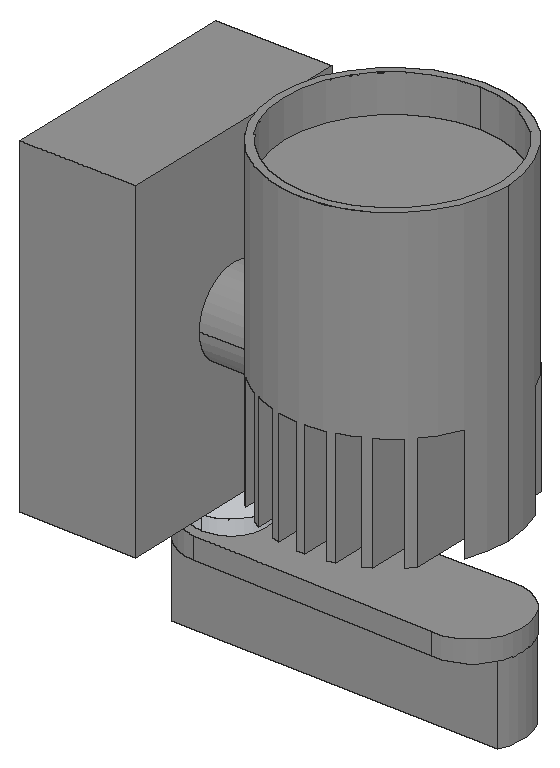
Revit family "2059796 Sylvania Lighting Fixture BEACON MUSE Xicato 3K O B DIM LS3 Black", category Lighting Fixtures, host Face, Revit 2016
Family settings
  Host = Face
  Part Type = Normal
  Round Connector Dimension = Use Diameter
  OmniClass Number = 23.80.70.00
  OmniClass Title = Lighting
  Cut with Voids When Loaded = No
  Light Source = Yes
  Shared = No
  Room Calculation Point = No
Parameters (values of type "2059796 BEACON MUSE XICATO 3K O/B DIM LS3 BLK")
  head from driver = 52 mm
  driver head distance = 15 mm
  ceiling drop = 180 mm
  Weight = "n/a"
  Wattage Comments = ""
  Wattage = 0 W
  WarrantyStartDate [instance] = "n/a"
  WarrantyGuarantorParts = ""
  WarrantyDurationUnit = "http://www.sylvania-lighting.com"
  WarrantyDurationParts = "n/a"
  WarrantyDescription = "0.95"
  built-in parameter 1150110 = 1 (stored number, unit not read)
  Voltage = 0 V
  URL = "\\\\svlondc02\\data\\R&D_Fixtures_General\\Dialux Admin\\Michael H\\Bim\\All ranges Feilo\\not Completed\\Beacon Xicato\\Beacon Muse Xicato\\2059796.ies"
  TypeName = "BEACON MUSE Xicato 3K O/B DIM LS3 Black"
  Type Image = <None>
  Type Comments = "n/a"
  built-in parameter 1114217 = 1 (stored number, unit not read)
  Tilt Angle = 90.00°
  built-in parameter 1150109 = 1 (stored number, unit not read)
  built-in parameter 1150134 = 3
  built-in parameter 1150113 = 1 (stored number, unit not read)
  SerialNumber [instance] = "n/a"
  Photometric Web File = "2059796.ies"
  Material_3_FEILO = none
  PowerFactor = 0
  PowerConsumption = "0"
  NominalLength = 0 mm
  NominalHeight = 0 mm
  NominalDepth = 0 mm
  Name = "BEACON MUSE Xicato 3K O/B DIM LS3 Black"
  ModelReference = Name  # "BEACON MUSE Xicato 3K O/B DIM LS3 Black"
  ModelNumber = "2059796"
  Model = Name  # "BEACON MUSE Xicato 3K O/B DIM LS3 Black"
  Material = ""
  ManufacturerName = ""
  Manufacturer = ""
  LuminousEfficacy = "100"
  built-in parameter 1150105 = (empty or 0)
  Lumens = 0 lm
  LuminaireType = "338/598 lm"
  built-in parameter 1150115 = 1 (stored number, unit not read)
  Lighting Material = none
  LightOutputRatio = "3"
  built-in parameter 1150137 = (empty or 0)
  built-in parameter 1150139 = (empty or 0)
  Light = none
  LampsType = Lamp  # "n/a"
  LampNominalLuminous = "LED"
  LampMacAdamStep = "16500"
  LampColourTemperature = "n/a"
  LampColourRenderingIndex = "n/a"
  built-in parameter 1150112 = 1 (stored number, unit not read)
  built-in parameter 1150114 = 1 (stored number, unit not read)
  Lamp = "n/a"
  Keynote = "0"
  InstallationDate [instance] = "n/a"
  InputVoltage = "IP20"
  InputNominalFrequency = "IK02"
  built-in parameter 1150132 = (empty or 0)
  built-in parameter 1150102 = (empty or 0)
  built-in parameter 1150107 = 3200 (stored number, unit not read)
  built-in parameter 1150138 = (empty or 0)
  IngressProtection = ""
  ImpactProtectionIndex = "Class II"
  built-in parameter 1150106 = (empty or 0)
  IfcExportType = "IfcLightFixtureType"
  IfcExportAs = "30"
  Head Length [instance] = 142 mm
  ExpectedLife = 50000
  Emit from Circle Diameter = 609.6 mm
  Emit Shape Visible in Rendering = no
  ElectricShockClassification = ""
  built-in parameter 1150104 = 13.8 (stored number, unit not read)
  DurationUnit = "hours"
  Driver Width = 85 mm
  DocumentationLiterature = "http://www.sylvania-lighting.com/product/en-int/products/2059796"
  DimmingControlOptions = "n/a"
  Material_2_FEILO = none
  Dimming Lamp Color Temperature Shift = <None>
  Diameter = 80 mm
  Description = "Integrated LED spotlight with Xicato Artist LED Module, black RAL 9005, unique soft-touch ring, adjustable beam angle from a 8° spot to a 55° flood, compact and minimalist design, ideal for museum, gallery and high-end retail applications, die-cast aluminium body, passive cooling heatsink, beam angle: 8° spot to 52° flood, optics: aspheric glass lens, colour temperature: 3000K warm white, total system power: 20W, total fixture output: 338/598lm, luminaire efficacy: 30lm/W, LOR: 100%, colour rendering: Ra 97 typical, LED Chromacity: 3 step MacAdam ellipse, lifetime: >50,000 hours at L70B50, energy class: A++, A+, A, IR/UV free light source without heat radiation, operating voltage: 220-240V / 50-60Hz, drive current: 700mA, electronic driver, dimmable via on-board potentiometer, power factor: 0.9 electrical protection: CLASS II, 3-circuit track adaptor, suitable for Concord Lytespan 3 track, ingress protection rating: IP20, suitable for internal environment only, horizontal rotation: 355°, vertical tilt: 90°, dimensions: Ø80x135x176mm, weight: 0.95kg"
  Default Elevation = 115 mm
  CreatedOn = "02/07/2019"
  CreatedBy = "@sylvania-lighting.com"
  Cost = 0
  Color Filter = 16777215
  built-in parameter 1114216 [instance] = (empty or 0)
  ClassificationValue = "EF_70_80"
  ClassificationName = "Uniclass2015"
  Material_1_FEILO = none
  BarCode [instance] = "n/a"
  built-in parameter 1114218 = 1 (stored number, unit not read)
  built-in parameter 1150133 = 10 (stored number, unit not read)
  AssetType = "Fixed"
  AssetIdentifier [instance] = "n/a"
  Assembly Code = "D5020200"
  Apparent Load = 20 VA
  Material_4_FEILO = none
  Adaptor Width = 34.952 mm
  Adaptor Pivot = 24.952 mm
  Adaptor Inside Width = 16.53 mm
Reference planes
  plane 1 "Center (Front/Back)": y = 0
  plane 2: z = 0
  plane 3 "Center (Left/Right)": x = 0
  plane 4: y = 40
  plane 5: y = -40
  plane 6: x = -40
  plane 7: x = 40
  plane 8: z = 148
  plane 9: z = -14
  plane 10: x = -72.5
  plane 11: x = -112.5
  plane 12: z = 76
  plane 13: y = 42.5
  plane 14: y = -42.5
  plane 15: y = 17.476
  plane 16: y = -17.476
  plane 17: y = 12.476
  plane 18: y = -12.476
  plane 19: y = 8.265
  plane 20: y = -8.265
  plane 21: z = 5.5
  plane 22: z = 38
  plane 23: x = 35
  plane 24: x = 28
  plane 25: x = 25.5
  plane 26: x = 18.5
  plane 27: x = 16
  plane 28: x = 9
  plane 29: x = 6.5
  plane 30: x = -0.5
  plane 31: x = -3
  plane 32: x = -10
  plane 33: x = -12.5
  plane 34: x = -19.5
  plane 35: x = -22
  plane 36: x = -29
  plane 37: x = -31.5
  plane 38: x = -38.5
Forms (mm)
  Extrusion 1, solid, material "Aluminum", detail levels medium+fine
    sketch origin (0, 0, 0) x (1, 0, 0) y (0, 1, 0)
      loop
        circle (0, 0) r 40
    from 38 to 148
  Extrusion 2, solid, material "Aluminum", detail levels medium+fine
    sketch origin (17.5, 0, 0) x (1, 0, 0) y (0, 1, 0)
      loop
        line (-112.5, 42.5) -> (-112.5, -42.16) -> (-72.5, -42.16) -> (-72.5, 42.5) -> (-112.5, 42.5)
    from 18 to 133
  Extrusion 3, solid, material "Aluminum"
    sketch origin (336.5, 1524, 1219.2) x (0, 1, 0) y (0, 0, 1)
      loop
        circle (-1524, -1143.2) r 15
    from -391.5 to -373.374
  Extrusion 4, solid, detail levels fine
    sketch origin (16.702, -15.316, 18) x (0, 1, 0) y (1, 0, 0)
      loop
        circle (15.34, -72.5) r 12.5
    from 0 to 5
  Extrusion 5, solid, material "Aluminum", detail levels fine
    sketch origin (15.705, -27.856, 13) x (-1, 0, 0) y (0, 1, 0)
      loop
        arc (-11.998, 45.379) -> (-29.497, 27.722) -> (-11.683, 10.382) r 17.5
        line (-11.683, 10.382) -> (71.502, 11.879)
        arc (71.502, 11.879) -> (87.502, 27.879) -> (71.502, 43.879) r 16
        line (71.502, 43.879) -> (-11.998, 45.379)
    from 0 to 7.5
  Extrusion 6, void
    sketch origin (0, 0, 148) x (0, 1, 0) y (1, 0, 0)
      loop
        circle (0, 0) r 37.5
    from 0 to 15
  Extrusion 7, solid, material "Aluminum", detail levels fine
    sketch origin (17.5, 0, 0) x (1, 0, 0) y (0, 1, 0)
      loop
        arc (-87.012, 8.265) -> (-89.298, 0) -> (-87.012, -8.265) r 16.086
        line (-87.012, -8.265) -> (25.615, -8.265)
        arc (25.615, -8.265) -> (27.702, 0) -> (25.615, 8.265) r 17.405
        line (25.615, 8.265) -> (-87.012, 8.265)
    from -21.5 to 5.5
  Extrusion 8, solid, not visible
    sketch origin (0, 0, 0) x (1, 0, 0) y (0, 1, 0)
      loop
        circle (0, 0) r 57.5
    from 48 to 180
  Extrusion 9, void, not visible
    sketch origin (0, 0, 48) x (1, 0, 0) y (0, 1, 0)
      loop
        line (43.7, -85.519) -> (53.7, -85.519) -> (53.7, 68.594) -> (43.7, 68.594) -> (43.7, -85.519)
      loop
        line (39.9, -85.519) -> (39.9, 68.594) -> (29.9, 68.594) -> (29.9, -85.519) -> (39.9, -85.519)
      loop
        line (26.1, -85.519) -> (26.1, 68.594) -> (16.1, 68.594) -> (16.1, -85.519) -> (26.1, -85.519)
      loop
        line (12.3, -85.519) -> (12.3, 68.594) -> (2.3, 68.594) -> (2.3, -85.519) -> (12.3, -85.519)
      loop
        line (-1.5, -85.519) -> (-1.5, 68.594) -> (-11.5, 68.594) -> (-11.5, -85.519) -> (-1.5, -85.519)
      loop
        line (-15.3, -85.519) -> (-15.3, 68.594) -> (-25.3, 68.594) -> (-25.3, -85.519) -> (-15.3, -85.519)
      loop
        line (-29.1, -85.519) -> (-29.1, 68.594) -> (-39.1, 68.594) -> (-39.1, -85.519) -> (-29.1, -85.519)
      loop
        line (-42.9, -85.519) -> (-42.9, 68.594) -> (-52.9, 68.594) -> (-52.9, -85.519) -> (-42.9, -85.519)
    from 0 to 60
  Extrusion 10, solid, not visible
    sketch origin (319, 1524, 1219.2) x (0, 1, 0) y (0, 0, 1)
      loop
        circle (-1524, -1143.2) r 15
    from -391.5 to -361.9
  Extrusion 11, void, not visible
    sketch origin (0, 0, 180) x (0, 1, 0) y (1, 0, 0)
      loop
        circle (0, 0) r 53
    from 0 to 15
  Extrusion 12, solid, not visible
    sketch origin (0, 0, 0) x (1, 0, 0) y (0, 1, 0)
      loop
        circle (0, 0) r 57.5
    from 48 to 180
  Extrusion 13, solid, not visible
    sketch origin (0, 0, 0) x (1, 0, 0) y (0, 1, 0)
      loop
        line (-112.5, 42.5) -> (-112.5, -42.16) -> (-72.5, -42.16) -> (-72.5, 42.5) -> (-112.5, 42.5)
    from 18 to 133
  Extrusion 14, void, not visible
    sketch origin (0, 0, 48) x (1, 0, 0) y (0, 1, 0)
      loop
        line (43.7, -85.519) -> (53.7, -85.519) -> (53.7, 68.594) -> (43.7, 68.594) -> (43.7, -85.519)
      loop
        line (39.9, -85.519) -> (39.9, 68.594) -> (29.9, 68.594) -> (29.9, -85.519) -> (39.9, -85.519)
      loop
        line (26.1, -85.519) -> (26.1, 68.594) -> (16.1, 68.594) -> (16.1, -85.519) -> (26.1, -85.519)
      loop
        line (12.3, -85.519) -> (12.3, 68.594) -> (2.3, 68.594) -> (2.3, -85.519) -> (12.3, -85.519)
      loop
        line (-1.5, -85.519) -> (-1.5, 68.594) -> (-11.5, 68.594) -> (-11.5, -85.519) -> (-1.5, -85.519)
      loop
        line (-15.3, -85.519) -> (-15.3, 68.594) -> (-25.3, 68.594) -> (-25.3, -85.519) -> (-15.3, -85.519)
      loop
        line (-29.1, -85.519) -> (-29.1, 68.594) -> (-39.1, 68.594) -> (-39.1, -85.519) -> (-29.1, -85.519)
      loop
        line (-42.9, -85.519) -> (-42.9, 68.594) -> (-52.9, 68.594) -> (-52.9, -85.519) -> (-42.9, -85.519)
    from 0 to 60
  Extrusion 15, solid, not visible
    sketch origin (319, 1524, 1219.2) x (0, 1, 0) y (0, 0, 1)
      loop
        circle (-1524, -1143.2) r 15
    from -391.5 to -361.9
  Extrusion 16, void, not visible
    sketch origin (0, 0, 180) x (0, 1, 0) y (1, 0, 0)
      loop
        circle (0, 0) r 53
    from 0 to 15
  Extrusion 17, solid, not visible
    sketch origin (0, 0, 0) x (1, 0, 0) y (0, 1, 0)
      loop
        circle (0, 0) r 57.5
    from 48 to 180
  Extrusion 18, solid, not visible
    sketch origin (0, 0, 0) x (1, 0, 0) y (0, 1, 0)
      loop
        line (-112.5, 42.5) -> (-112.5, -42.16) -> (-72.5, -42.16) -> (-72.5, 42.5) -> (-112.5, 42.5)
    from 18 to 133
  Extrusion 19, void, not visible
    sketch origin (0, 0, 48) x (1, 0, 0) y (0, 1, 0)
      loop
        line (43.7, -85.519) -> (53.7, -85.519) -> (53.7, 68.594) -> (43.7, 68.594) -> (43.7, -85.519)
      loop
        line (39.9, -85.519) -> (39.9, 68.594) -> (29.9, 68.594) -> (29.9, -85.519) -> (39.9, -85.519)
      loop
        line (26.1, -85.519) -> (26.1, 68.594) -> (16.1, 68.594) -> (16.1, -85.519) -> (26.1, -85.519)
      loop
        line (12.3, -85.519) -> (12.3, 68.594) -> (2.3, 68.594) -> (2.3, -85.519) -> (12.3, -85.519)
      loop
        line (-1.5, -85.519) -> (-1.5, 68.594) -> (-11.5, 68.594) -> (-11.5, -85.519) -> (-1.5, -85.519)
      loop
        line (-15.3, -85.519) -> (-15.3, 68.594) -> (-25.3, 68.594) -> (-25.3, -85.519) -> (-15.3, -85.519)
      loop
        line (-29.1, -85.519) -> (-29.1, 68.594) -> (-39.1, 68.594) -> (-39.1, -85.519) -> (-29.1, -85.519)
      loop
        line (-42.9, -85.519) -> (-42.9, 68.594) -> (-52.9, 68.594) -> (-52.9, -85.519) -> (-42.9, -85.519)
    from 0 to 60
  Extrusion 20, solid, not visible
    sketch origin (319, 1524, 1219.2) x (0, 1, 0) y (0, 0, 1)
      loop
        circle (-1524, -1143.2) r 15
    from -391.5 to -361.9
  Extrusion 21, solid, not visible
    sketch origin (-0.798, -15.316, 18) x (0, 1, 0) y (1, 0, 0)
      loop
        circle (15.34, -72.5) r 12.5
    from 0 to 5
  Extrusion 22, solid, not visible
    sketch origin (-1.795, -27.856, 13) x (-1, 0, 0) y (0, 1, 0)
      loop
        arc (-11.998, 45.379) -> (-29.497, 27.722) -> (-11.683, 10.382) r 17.5
        line (-11.683, 10.382) -> (71.502, 11.879)
        arc (71.502, 11.879) -> (87.502, 27.879) -> (71.502, 43.879) r 16
        line (71.502, 43.879) -> (-11.998, 45.379)
    from 0 to 7.5
  Extrusion 23, void, not visible
    sketch origin (0, 0, 180) x (0, 1, 0) y (1, 0, 0)
      loop
        circle (0, 0) r 53
    from 0 to 15
  Extrusion 24, solid, not visible
    sketch origin (0, 0, 0) x (1, 0, 0) y (0, 1, 0)
      loop
        circle (0, 0) r 57.5
    from 48 to 180
  Extrusion 25, solid, not visible
    sketch origin (0, 0, 0) x (1, 0, 0) y (0, 1, 0)
      loop
        line (-112.5, 42.5) -> (-112.5, -42.16) -> (-72.5, -42.16) -> (-72.5, 42.5) -> (-112.5, 42.5)
    from 18 to 133
  Extrusion 26, void, not visible
    sketch origin (0, 0, 48) x (1, 0, 0) y (0, 1, 0)
      loop
        line (43.7, -85.519) -> (53.7, -85.519) -> (53.7, 68.594) -> (43.7, 68.594) -> (43.7, -85.519)
      loop
        line (39.9, -85.519) -> (39.9, 68.594) -> (29.9, 68.594) -> (29.9, -85.519) -> (39.9, -85.519)
      loop
        line (26.1, -85.519) -> (26.1, 68.594) -> (16.1, 68.594) -> (16.1, -85.519) -> (26.1, -85.519)
      loop
        line (12.3, -85.519) -> (12.3, 68.594) -> (2.3, 68.594) -> (2.3, -85.519) -> (12.3, -85.519)
      loop
        line (-1.5, -85.519) -> (-1.5, 68.594) -> (-11.5, 68.594) -> (-11.5, -85.519) -> (-1.5, -85.519)
      loop
        line (-15.3, -85.519) -> (-15.3, 68.594) -> (-25.3, 68.594) -> (-25.3, -85.519) -> (-15.3, -85.519)
      loop
        line (-29.1, -85.519) -> (-29.1, 68.594) -> (-39.1, 68.594) -> (-39.1, -85.519) -> (-29.1, -85.519)
      loop
        line (-42.9, -85.519) -> (-42.9, 68.594) -> (-52.9, 68.594) -> (-52.9, -85.519) -> (-42.9, -85.519)
    from 0 to 60
  Extrusion 27, solid, not visible
    sketch origin (319, 1524, 1219.2) x (0, 1, 0) y (0, 0, 1)
      loop
        circle (-1524, -1143.2) r 15
    from -391.5 to -361.9
  Extrusion 28, solid, not visible
    sketch origin (-0.798, -15.316, 18) x (0, 1, 0) y (1, 0, 0)
      loop
        circle (15.34, -72.5) r 12.5
    from 0 to 5
  Extrusion 29, solid, not visible
    sketch origin (-1.795, -27.856, 13) x (-1, 0, 0) y (0, 1, 0)
      loop
        arc (-11.998, 45.379) -> (-29.497, 27.722) -> (-11.683, 10.382) r 17.5
        line (-11.683, 10.382) -> (71.502, 11.879)
        arc (71.502, 11.879) -> (87.502, 27.879) -> (71.502, 43.879) r 16
        line (71.502, 43.879) -> (-11.998, 45.379)
    from 0 to 7.5
  Extrusion 30, void, not visible
    sketch origin (0, 0, 180) x (0, 1, 0) y (1, 0, 0)
      loop
        circle (0, 0) r 53
    from 0 to 15
  Extrusion 31, solid, not visible
    sketch origin (0, 0, 0) x (1, 0, 0) y (0, 1, 0)
      loop
        arc (-87.012, 8.265) -> (-89.298, 0) -> (-87.012, -8.265) r 16.086
        line (-87.012, -8.265) -> (25.615, -8.265)
        arc (25.615, -8.265) -> (27.702, 0) -> (25.615, 8.265) r 17.405
        line (25.615, 8.265) -> (-87.012, 8.265)
    from -21.5 to 5.5
  Extrusion 32, solid, material "Glass, White, High Luminance", detail levels medium+fine
    sketch origin (0, 0, 133) x (0, 1, 0) y (-1, 0, 0)
      loop
        circle (0, 0) r 37.5
    from 0 to 2
  Extrusion 33, void
    sketch origin (2, 0, 38) x (1, 0, 0) y (0, 1, 0)
      loop
        line (35, 50.956) -> (28, 50.956) -> (28, -46.879) -> (35, -46.879) -> (35, 50.956)
      loop
        line (25.5, 50.956) -> (18.5, 50.956) -> (18.5, -46.879) -> (25.5, -46.879) -> (25.5, 50.956)
      loop
        line (9, 50.956) -> (9, -46.879) -> (16, -46.879) -> (16, 50.956) -> (9, 50.956)
      loop
        line (-0.316, 50.956) -> (-0.316, -46.879) -> (6.5, -46.879) -> (6.5, 50.956) -> (-0.316, 50.956)
      loop
        line (-10, 50.956) -> (-10, -46.879) -> (-3, -46.879) -> (-3, 50.956) -> (-10, 50.956)
      loop
        line (-19.5, 50.956) -> (-19.5, -46.879) -> (-12.5, -46.879) -> (-12.5, 50.956) -> (-19.5, 50.956)
      loop
        line (-29, 50.956) -> (-29, -46.879) -> (-22, -46.879) -> (-22, 50.956) -> (-29, 50.956)
      loop
        line (-38.5, 50.956) -> (-38.5, -46.879) -> (-31.5, -46.879) -> (-31.5, 50.956) -> (-38.5, 50.956)
    from 0 to 40
  Extrusion 34, solid, detail levels coarse
    sketch origin (0, 0, 148) x (1, 0, 0) y (0, 1, 0)
      loop
        line (-95, 42.5) -> (-95, -42.16) -> (45, -42.16) -> (45, 42.5) -> (-95, 42.5)
    from -169.5 to 0
Cuts and joins
  Extrusion 6, Extrusion 33 cuts Extrusion 1
Lines and regions (mm)
  reference lines
    curve 1: line (-55.798, 12.524, 13) -> (-55.798, -12.476, 13)
    curve 2: line (-43.298, -15.316, 13) -> (-68.298, -15.316, 13)
  reference lines, not visible
    curve 3: line (-73.298, 12.524, 13) -> (-73.298, -12.476, 13)
    curve 4: line (-60.798, -15.316, 13) -> (-85.798, -15.316, 13)
    curve 5: line (-73.298, 12.524, 13) -> (-73.298, -12.476, 13)
    curve 6: line (-60.798, -15.316, 13) -> (-85.798, -15.316, 13)
Dimensions and locks
  "Diameter": plane 6 to plane 7
  equal spacing: plane 6, plane 3 "Center (Left/Right)", plane 7
  "Diameter": plane 4 to plane 5
  equal spacing: plane 4, plane 1 "Center (Front/Back)", plane 5
  plane 8 to level = 148 mm
  locked: plane 8 to plane 9 at 162
  "Driver Width": plane 13 to plane 14
  equal spacing: plane 13, plane 1 "Center (Front/Back)", plane 14
  "Adaptor Width": plane 15 to plane 16
  "Adaptor Pivot": plane 17 to plane 18
  equal spacing: plane 17, plane 1 "Center (Front/Back)", plane 18
  "Adaptor Inside Width": plane 19 to plane 20
  equal spacing: plane 19, plane 1 "Center (Front/Back)", plane 20
  "head from driver": plane 22 to plane 9
  aligned and locked: plane 2 to host face
  aligned and locked: level to host face
  aligned and locked: Extrusion 1 to plane 22
Automatic sketch dimensions
  host sketch curve to host sketch curve = 2438.4 mm  (x2)
  Extrusion 5 sketch curve to Extrusion 5 sketch curve = 83.185 mm
  Extrusion 5 sketch curve to Extrusion 5 sketch curve = 0.315 mm
  Extrusion 5 sketch curve to Extrusion 5 sketch curve = 1.5 mm
  Extrusion 5 sketch curve to Extrusion 5 sketch curve = 17.5 mm
  Extrusion 7 sketch curve to Extrusion 7 sketch curve = 15.318 mm
  Extrusion 9 sketch curve to Extrusion 9 sketch curve = 10 mm  (x8)
  Extrusion 9 sketch curve to Extrusion 9 sketch curve = 3.8 mm  (x7)
  Extrusion 9 sketch curve to Extrusion 9 sketch curve = 0 mm  (x14)
  Extrusion 9 sketch curve to Extrusion 9 sketch curve = 154.113 mm
  Extrusion 2 sketch curve to Extrusion 2 sketch curve = 40 mm
  Extrusion 2 sketch curve to Extrusion 2 sketch curve = 84.66 mm
  Extrusion 14 sketch curve to Extrusion 14 sketch curve = 10 mm  (x8)
  Extrusion 14 sketch curve to Extrusion 14 sketch curve = 3.8 mm  (x7)
  Extrusion 14 sketch curve to Extrusion 14 sketch curve = 0 mm  (x14)
  Extrusion 14 sketch curve to Extrusion 14 sketch curve = 154.113 mm
  Extrusion 13 sketch curve to Extrusion 13 sketch curve = 40 mm
  Extrusion 13 sketch curve to Extrusion 13 sketch curve = 84.66 mm
  Extrusion 19 sketch curve to Extrusion 19 sketch curve = 10 mm  (x8)
  Extrusion 19 sketch curve to Extrusion 19 sketch curve = 3.8 mm  (x7)
  Extrusion 19 sketch curve to Extrusion 19 sketch curve = 0 mm  (x14)
  Extrusion 19 sketch curve to Extrusion 19 sketch curve = 154.113 mm
  Extrusion 22 sketch curve to Extrusion 22 sketch curve = 83.185 mm
  Extrusion 22 sketch curve to Extrusion 22 sketch curve = 0.315 mm
  Extrusion 22 sketch curve to Extrusion 22 sketch curve = 1.5 mm
  Extrusion 22 sketch curve to Extrusion 22 sketch curve = 17.5 mm
  Extrusion 18 sketch curve to Extrusion 18 sketch curve = 40 mm
  Extrusion 18 sketch curve to Extrusion 18 sketch curve = 84.66 mm
  Extrusion 7 sketch curve to Extrusion 7 sketch curve = 0 mm  (x2)
  Extrusion 7 sketch curve to Extrusion 7 sketch curve = 13.8 mm
  Extrusion 7 sketch curve to Extrusion 7 sketch curve = 83.509 mm
  Extrusion 7 sketch curve to Extrusion 7 sketch curve = 8.265 mm
  Extrusion 26 sketch curve to Extrusion 26 sketch curve = 10 mm  (x8)
  Extrusion 26 sketch curve to Extrusion 26 sketch curve = 3.8 mm  (x7)
  Extrusion 26 sketch curve to Extrusion 26 sketch curve = 0 mm  (x14)
  Extrusion 26 sketch curve to Extrusion 26 sketch curve = 154.113 mm
  Extrusion 29 sketch curve to Extrusion 29 sketch curve = 83.185 mm
  Extrusion 29 sketch curve to Extrusion 29 sketch curve = 0.315 mm
  Extrusion 29 sketch curve to Extrusion 29 sketch curve = 1.5 mm
  Extrusion 29 sketch curve to Extrusion 29 sketch curve = 17.5 mm
  Extrusion 31 sketch curve to Extrusion 31 sketch curve = 15.318 mm
  Extrusion 25 sketch curve to Extrusion 25 sketch curve = 40 mm
  Extrusion 25 sketch curve to Extrusion 25 sketch curve = 84.66 mm
  Extrusion 31 sketch curve to Extrusion 31 sketch curve = 0 mm  (x2)
  Extrusion 31 sketch curve to Extrusion 31 sketch curve = 13.8 mm
  Extrusion 31 sketch curve to Extrusion 31 sketch curve = 83.509 mm
  Extrusion 31 sketch curve to Extrusion 31 sketch curve = 8.265 mm
  Extrusion 7 sketch curve to plane 19 = 0 mm
  plane 10 to Extrusion 7 sketch curve = 2.988 mm
  Extrusion 2 to Extrusion 4 sketch curve = 0.798 mm
  Extrusion 2 to Extrusion 4 sketch curve = 42.184 mm
  curve 2 to curve 1 = 2.84 mm
  curve 1 to curve 1 = 25 mm
  curve 2 to curve 1 = 12.5 mm
  curve 1 to curve 2 = 12.5 mm
  plane 11 to Extrusion 2 sketch curve = 17.5 mm
  plane 13 to Extrusion 2 sketch curve = 0 mm
  plane 1 "Center (Front/Back)" to Extrusion 1 sketch curve = 0 mm
  Extrusion 1 sketch curve to plane 3 "Center (Left/Right)" = 0 mm
  Extrusion 3 sketch curve to plane 1 "Center (Front/Back)" = 0 mm
  plane 12 to Extrusion 3 sketch curve = 0 mm
  Extrusion 33 sketch curve to Extrusion 33 sketch curve = 7 mm  (x7)
  Extrusion 33 sketch curve to Extrusion 33 sketch curve = 2.5 mm  (x6)
  Extrusion 33 sketch curve to Extrusion 33 sketch curve = 2.684 mm
  Extrusion 33 sketch curve to Extrusion 33 sketch curve = 6.816 mm
  Extrusion 33 sketch curve to Extrusion 33 sketch curve = 0 mm  (x14)
  Extrusion 33 sketch curve to Extrusion 33 sketch curve = 97.836 mm
  Extrusion 34 sketch curve to Extrusion 34 sketch curve = 140 mm
  Extrusion 34 sketch curve to Extrusion 34 sketch curve = 84.66 mm
  radius of Extrusion 1 sketch curve = 40 mm
  radius of Extrusion 3 sketch curve = 15 mm
  radius of Extrusion 4 sketch curve = 12.5 mm
  radius of Extrusion 4 to Extrusion 5 sketch curve = 3.5 mm
  radius of Extrusion 6 sketch curve = 37.5 mm
  radius of Extrusion 8 sketch curve = 57.5 mm
  radius of Extrusion 10 sketch curve = 15 mm
  radius of Extrusion 11 sketch curve = 53 mm
  radius of Extrusion 12 sketch curve = 57.5 mm
  radius of Extrusion 15 sketch curve = 15 mm
  radius of Extrusion 16 sketch curve = 53 mm
  radius of Extrusion 17 sketch curve = 57.5 mm
  radius of Extrusion 20 sketch curve = 15 mm
  radius of Extrusion 21 sketch curve = 12.5 mm
  radius of Extrusion 21 to Extrusion 22 sketch curve = 3.5 mm
  radius of Extrusion 23 sketch curve = 53 mm
  radius of Extrusion 24 sketch curve = 57.5 mm
  radius of Extrusion 27 sketch curve = 15 mm
  radius of Extrusion 28 sketch curve = 12.5 mm
  radius of Extrusion 28 to Extrusion 29 sketch curve = 3.5 mm
  radius of Extrusion 30 sketch curve = 53 mm
  radius of Extrusion 32 sketch curve to Extrusion 6 = 0 mm
Connectors
  electrical at (-13.199, 0, -21.5)
    settings: on Extrusion 7, index 1, voltage 0 V, apparent load 0 VA, apparent load phase1 0 VA, apparent load phase2 0 VA, apparent load phase3 0 VA, power factor 1, load classification "Other", number of poles 1, system type 31, power factor state 1, is connector primary yes, connector utility no, sub classification motor no, connector description ""
